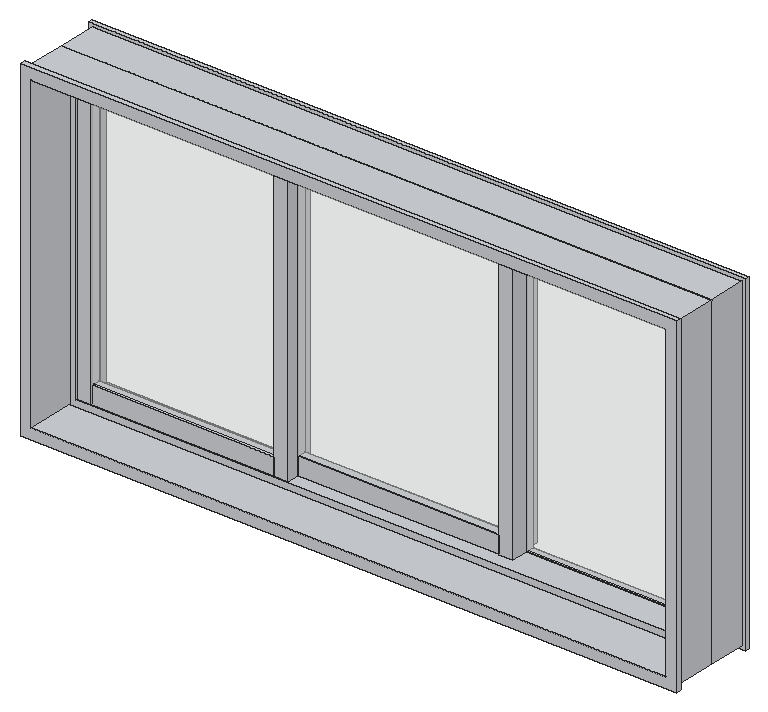
Revit family "APL Residential Thermal Heart Sliding Window SSF", category Windows, host Wall, Revit 2017 (continued)
Definition of nested family "APL Residential Thermal Heart Sliding Window SSF Vertical Section"
  Definition of nested family "Three Panel Sill"
    Lines and regions (mm)
      detail lines, in view "Ref. Level"
        curve 132: arc (11.451, 42.21, 0) -> (9.171, 43.21, 0) -> (6.89, 42.21, 0) r 3.1
        curve 133: line (4.071, 66.76, 0) -> (4.171, 66.06, 0)
        curve 134: line (4.171, 66.06, 0) -> (4.171, 66.66, 0)
        curve 135: line (4.171, 66.66, 0) -> (7.671, 66.66, 0)
        curve 136: line (7.671, 66.66, 0) -> (5.771, 66.76, 0)
        curve 137: line (5.771, 66.76, 0) -> (5.771, 66.96, 0)
        curve 138: line (5.771, 66.96, 0) -> (4.271, 66.96, 0)
        curve 139: line (3.071, 66.06, 0) -> (7.671, 66.06, 0)
        curve 140: line (7.671, 66.06, 0) -> (7.671, 67.06, 0)
        curve 141: line (7.671, 67.06, 0) -> (10.671, 67.06, 0)
        curve 142: line (10.671, 67.06, 0) -> (10.671, 66.06, 0)
        curve 143: line (10.671, 66.06, 0) -> (15.271, 66.06, 0)
        curve 144: line (14.071, 66.96, 0) -> (12.571, 66.96, 0)
        curve 145: line (12.571, 66.96, 0) -> (12.571, 66.76, 0)
        curve 146: line (12.571, 66.76, 0) -> (10.671, 66.76, 0)
        curve 147: line (10.671, 66.76, 0) -> (14.171, 66.66, 0)
        curve 148: line (14.171, 66.66, 0) -> (14.171, 66.06, 0)
        curve 149: line (14.171, 66.06, 0) -> (14.271, 66.76, 0)
        curve 150: line (14.271, 67.96, 0) -> (12.571, 67.96, 0)
        curve 151: line (12.571, 67.96, 0) -> (12.571, 67.76, 0)
        curve 152: line (12.571, 67.76, 0) -> (5.771, 67.76, 0)
        curve 153: line (5.771, 67.76, 0) -> (5.771, 67.96, 0)
        curve 154: line (5.771, 67.96, 0) -> (4.071, 67.96, 0)
        curve 155: line (5.371, 47.46, 0) -> (5.371, 46.46, 0)
        curve 156: line (5.371, 46.46, 0) -> (4.371, 46.46, 0)
        curve 157: line (4.371, 46.46, 0) -> (4.371, 47.46, 0)
        curve 158: line (12.971, 47.46, 0) -> (12.971, 46.46, 0)
        curve 159: line (12.971, 46.46, 0) -> (13.971, 46.46, 0)
        curve 160: line (13.971, 46.46, 0) -> (13.971, 47.46, 0)
        curve 161: line (9.871, 52.76, 0) -> (9.871, 51.76, 0)
        curve 162: line (9.871, 51.76, 0) -> (8.471, 51.76, 0)
        curve 163: line (8.471, 51.76, 0) -> (8.471, 52.76, 0)
        curve 164: line (8.471, 56.16, 0) -> (8.471, 57.16, 0)
        curve 165: line (8.471, 57.16, 0) -> (9.871, 57.16, 0)
        curve 166: line (9.871, 57.16, 0) -> (9.871, 56.16, 0)
        curve 167: line (7.471, 53.76, 0) -> (4.725, 53.76, 0)
        curve 168: line (10.871, 55.16, 0) -> (13.616, 55.16, 0)
        curve 169: line (13.616, 53.76, 0) -> (10.871, 53.76, 0)
        curve 170: line (4.725, 55.16, 0) -> (7.471, 55.16, 0)
        curve 171: line (15.271, 49.46, 0) -> (15.771, 49.46, 0)
        curve 172: line (15.771, 49.46, 0) -> (15.371, 61.46, 0)
        curve 173: line (2.971, 61.46, 0) -> (2.571, 49.46, 0)
        curve 174: line (2.571, 49.46, 0) -> (3.071, 49.46, 0)
        curve 175: line (3.071, 66.96, 0) -> (3.071, 47.46, 0)
        curve 176: line (3.071, 47.46, 0) -> (15.271, 47.46, 0)
        curve 177: line (15.271, 47.46, 0) -> (15.271, 66.96, 0)
        curve 178: line (6.89, 47.46, 0) -> (6.89, 42.21, 0)
        curve 179: line (6.89, 42.21, 0) -> (5.871, 42.21, 0)
        curve 180: line (5.871, 42.21, 0) -> (5.871, 47.46, 0)
        curve 181: line (11.451, 47.46, 0) -> (11.451, 42.21, 0)
        curve 182: line (11.451, 42.21, 0) -> (12.471, 42.21, 0)
        curve 183: line (12.471, 42.21, 0) -> (12.471, 47.46, 0)
        curve 184: line (3.271, 48.46, 0) -> (3.271, 65.06, 0)
        curve 249: arc (50.271, 66.06, 0) -> (49.564, 65.767, 0) -> (49.271, 65.06, 0) r 1
        curve 250: arc (50.271, 66.96, 0) -> (50.129, 66.902, 0) -> (50.071, 66.76, 0) r 0.2
        curve 251: arc (60.271, 66.76, 0) -> (60.212, 66.902, 0) -> (60.071, 66.96, 0) r 0.2
        curve 252: arc (61.271, 66.96, 0) -> (60.978, 67.667, 0) -> (60.271, 67.96, 0) r 1
        curve 253: arc (50.071, 67.96, 0) -> (49.364, 67.667, 0) -> (49.071, 66.96, 0) r 1
        curve 254: arc (54.471, 52.76, 0) -> (54.178, 53.467, 0) -> (53.471, 53.76, 0) r 1
        curve 255: arc (56.871, 53.76, 0) -> (56.164, 53.467, 0) -> (55.871, 52.76, 0) r 1
        curve 256: arc (55.871, 56.16, 0) -> (56.164, 55.453, 0) -> (56.871, 55.16, 0) r 1
        curve 257: arc (53.471, 55.16, 0) -> (54.178, 55.453, 0) -> (54.471, 56.16, 0) r 1
        curve 258: circle (55.171, 54.46, 0) r 4.5 normal (0, 0, 1)
        curve 259: arc (49.271, 48.46, 0) -> (49.564, 47.753, 0) -> (50.271, 47.46, 0) r 1
        curve 260: arc (57.451, 42.21, 0) -> (55.171, 43.21, 0) -> (52.89, 42.21, 0) r 3.1
        curve 261: line (50.071, 66.76, 0) -> (50.171, 66.06, 0)
        curve 262: line (50.171, 66.06, 0) -> (50.171, 66.66, 0)
        curve 263: line (50.171, 66.66, 0) -> (53.671, 66.66, 0)
        curve 264: line (53.671, 66.66, 0) -> (51.771, 66.76, 0)
        curve 265: line (51.771, 66.76, 0) -> (51.771, 66.96, 0)
        curve 266: line (51.771, 66.96, 0) -> (50.271, 66.96, 0)
        curve 267: line (49.071, 66.06, 0) -> (53.671, 66.06, 0)
        curve 268: line (53.671, 66.06, 0) -> (53.671, 67.06, 0)
        curve 269: line (53.671, 67.06, 0) -> (56.671, 67.06, 0)
        curve 270: line (56.671, 67.06, 0) -> (56.671, 66.06, 0)
        curve 271: line (56.671, 66.06, 0) -> (61.271, 66.06, 0)
        curve 272: line (60.071, 66.96, 0) -> (58.571, 66.96, 0)
        curve 273: line (58.571, 66.96, 0) -> (58.571, 66.76, 0)
        curve 274: line (58.571, 66.76, 0) -> (56.671, 66.76, 0)
        curve 275: line (56.671, 66.76, 0) -> (60.171, 66.66, 0)
        curve 276: line (60.171, 66.66, 0) -> (60.171, 66.06, 0)
        curve 277: line (60.171, 66.06, 0) -> (60.271, 66.76, 0)
        curve 278: line (60.271, 67.96, 0) -> (58.571, 67.96, 0)
        curve 279: line (58.571, 67.96, 0) -> (58.571, 67.76, 0)
        curve 280: line (58.571, 67.76, 0) -> (51.771, 67.76, 0)
        curve 281: line (51.771, 67.76, 0) -> (51.771, 67.96, 0)
        curve 282: line (51.771, 67.96, 0) -> (50.071, 67.96, 0)
        curve 283: line (51.371, 47.46, 0) -> (51.371, 46.46, 0)
        curve 284: line (51.371, 46.46, 0) -> (50.371, 46.46, 0)
        curve 285: line (50.371, 46.46, 0) -> (50.371, 47.46, 0)
        curve 286: line (58.971, 47.46, 0) -> (58.971, 46.46, 0)
        curve 287: line (58.971, 46.46, 0) -> (59.971, 46.46, 0)
        curve 288: line (59.971, 46.46, 0) -> (59.971, 47.46, 0)
        curve 289: line (55.871, 52.76, 0) -> (55.871, 51.76, 0)
        curve 290: line (55.871, 51.76, 0) -> (54.471, 51.76, 0)
        curve 291: line (54.471, 51.76, 0) -> (54.471, 52.76, 0)
        curve 292: line (54.471, 56.16, 0) -> (54.471, 57.16, 0)
        curve 293: line (54.471, 57.16, 0) -> (55.871, 57.16, 0)
        curve 294: line (55.871, 57.16, 0) -> (55.871, 56.16, 0)
        curve 295: line (53.471, 53.76, 0) -> (50.725, 53.76, 0)
        curve 296: line (56.871, 55.16, 0) -> (59.616, 55.16, 0)
        curve 297: line (59.616, 53.76, 0) -> (56.871, 53.76, 0)
        curve 298: line (50.725, 55.16, 0) -> (53.471, 55.16, 0)
        curve 299: line (61.271, 49.46, 0) -> (61.771, 49.46, 0)
        curve 300: line (61.771, 49.46, 0) -> (61.371, 61.46, 0)
        curve 301: line (48.971, 61.46, 0) -> (48.571, 49.46, 0)
        curve 302: line (48.571, 49.46, 0) -> (49.071, 49.46, 0)
        curve 303: line (49.071, 66.96, 0) -> (49.071, 47.46, 0)
        curve 304: line (49.071, 47.46, 0) -> (61.271, 47.46, 0)
        curve 305: line (61.271, 47.46, 0) -> (61.271, 66.96, 0)
        curve 306: line (52.89, 47.46, 0) -> (52.89, 42.21, 0)
        curve 307: line (52.89, 42.21, 0) -> (51.871, 42.21, 0)
        curve 308: line (51.871, 42.21, 0) -> (51.871, 47.46, 0)
        curve 309: line (57.451, 47.46, 0) -> (57.451, 42.21, 0)
        curve 310: line (57.451, 42.21, 0) -> (58.471, 42.21, 0)
        curve 311: line (58.471, 42.21, 0) -> (58.471, 47.46, 0)
        curve 312: line (49.271, 48.46, 0) -> (49.271, 65.06, 0)
      detail lines, in view "Ref. Level", not visible
        curve 17: arc (-46.248, 44.356, 0) -> (-46.558, 44.496, 0) -> (-46.72, 44.197, 0) r 0.25
        curve 18: arc (-46.694, 34.309, 0) -> (-46.531, 34.01, 0) -> (-46.221, 34.15, 0) r 0.25
        curve 19: line (-46.72, 44.197, 0) -> (-45.726, 40.329, 0)
        curve 20: line (-45.726, 40.329, 0) -> (-46.729, 39.75, 0)
        curve 21: line (-46.729, 39.75, 0) -> (-46.729, 38.75, 0)
        curve 22: line (-46.729, 38.75, 0) -> (-45.704, 38.158, 0)
        curve 23: line (-45.704, 38.158, 0) -> (-46.694, 34.309, 0)
        curve 24: line (-46.221, 34.15, 0) -> (-44.497, 38.25, 0)
        curve 25: line (-44.497, 38.25, 0) -> (-43.229, 38.25, 0)
        curve 26: line (-43.229, 38.25, 0) -> (-43.229, 37, 0)
        curve 27: line (-43.229, 37, 0) -> (-42.229, 37, 0)
        curve 28: line (-42.229, 37, 0) -> (-42.229, 41.5, 0)
        curve 29: line (-42.229, 41.5, 0) -> (-43.229, 41.5, 0)
        curve 30: line (-43.229, 41.5, 0) -> (-43.229, 40.25, 0)
        curve 31: line (-43.229, 40.25, 0) -> (-44.521, 40.25, 0)
        curve 32: line (-44.521, 40.25, 0) -> (-46.248, 44.356, 0)
        curve 46: line (101.764, -41.439, 0) -> (107.514, -39.899, 0)
        curve 47: line (106.053, -40.29, 0) -> (101.764, -40.29, 0)
        curve 48: line (107.514, -39.45, 0) -> (101.764, -39.45, 0)
        curve 49: line (107.514, -38.61, 0) -> (101.764, -38.61, 0)
        curve 50: line (107.514, -37.69, 0) -> (101.764, -37.69, 0)
        curve 51: line (107.514, -36.85, 0) -> (101.764, -36.85, 0)
        curve 52: line (106.053, -36.01, 0) -> (101.764, -36.01, 0)
        curve 53: line (107.514, -36.401, 0) -> (101.764, -34.861, 0)
        curve 54: line (107.764, -41.6, 0) -> (107.764, -34.7, 0)
        curve 55: line (107.514, -34.7, 0) -> (107.514, -41.6, 0)
        curve 56: line (107.514, -41.6, 0) -> (108.014, -41.6, 0)
        curve 57: line (108.014, -41.6, 0) -> (108.014, -34.7, 0)
        curve 58: line (108.014, -34.7, 0) -> (107.514, -34.7, 0)
        curve 185: line (57.263, 53.309, 0) -> (57.263, 52.309, 0)
        curve 186: line (57.263, 52.309, 0) -> (56.263, 52.309, 0)
        curve 187: line (56.263, 52.309, 0) -> (56.263, 53.309, 0)
        curve 188: line (64.863, 53.309, 0) -> (64.863, 52.309, 0)
        curve 189: line (64.863, 52.309, 0) -> (65.863, 52.309, 0)
        curve 190: line (65.863, 52.309, 0) -> (65.863, 53.309, 0)
        curve 191: line (61.763, 58.609, 0) -> (61.763, 57.609, 0)
        curve 192: line (61.763, 57.609, 0) -> (60.363, 57.609, 0)
        curve 193: line (60.363, 57.609, 0) -> (60.363, 58.609, 0)
        curve 194: line (60.363, 62.009, 0) -> (60.363, 63.009, 0)
        curve 195: line (60.363, 63.009, 0) -> (61.763, 63.009, 0)
        curve 196: line (61.763, 63.009, 0) -> (61.763, 62.009, 0)
        curve 197: line (59.363, 59.609, 0) -> (56.617, 59.609, 0)
        curve 198: line (62.763, 61.009, 0) -> (65.508, 61.009, 0)
        curve 199: line (65.508, 59.609, 0) -> (62.763, 59.609, 0)
        curve 200: line (56.617, 61.009, 0) -> (59.363, 61.009, 0)
        curve 201: line (67.163, 55.309, 0) -> (67.663, 55.309, 0)
        curve 202: line (67.663, 55.309, 0) -> (67.263, 67.309, 0)
        curve 203: line (54.863, 67.309, 0) -> (54.463, 55.309, 0)
        curve 204: line (54.463, 55.309, 0) -> (54.963, 55.309, 0)
        curve 205: line (54.963, 72.809, 0) -> (54.963, 53.309, 0)
        curve 206: line (54.963, 53.309, 0) -> (67.163, 53.309, 0)
        curve 207: line (67.163, 53.309, 0) -> (67.163, 72.809, 0)
        curve 208: line (58.782, 53.309, 0) -> (58.782, 48.059, 0)
        curve 209: line (58.782, 48.059, 0) -> (57.763, 48.059, 0)
        curve 210: line (57.763, 48.059, 0) -> (57.763, 53.309, 0)
        curve 211: line (63.343, 53.309, 0) -> (63.343, 48.059, 0)
        curve 212: line (63.343, 48.059, 0) -> (64.363, 48.059, 0)
        curve 213: line (64.363, 48.059, 0) -> (64.363, 53.309, 0)
        curve 214: line (55.163, 54.309, 0) -> (55.163, 70.909, 0)
        curve 215: arc (56.163, 71.909, 0) -> (55.456, 71.616, 0) -> (55.163, 70.909, 0) r 1
        curve 216: arc (56.163, 72.809, 0) -> (56.021, 72.75, 0) -> (55.963, 72.609, 0) r 0.2
        curve 217: arc (66.163, 72.609, 0) -> (66.104, 72.75, 0) -> (65.963, 72.809, 0) r 0.2
        curve 218: arc (67.163, 72.809, 0) -> (66.87, 73.516, 0) -> (66.163, 73.809, 0) r 1
        curve 219: arc (55.963, 73.809, 0) -> (55.256, 73.516, 0) -> (54.963, 72.809, 0) r 1
        curve 220: arc (60.363, 58.609, 0) -> (60.07, 59.316, 0) -> (59.363, 59.609, 0) r 1
        curve 221: arc (62.763, 59.609, 0) -> (62.056, 59.316, 0) -> (61.763, 58.609, 0) r 1
        curve 222: arc (61.763, 62.009, 0) -> (62.056, 61.302, 0) -> (62.763, 61.009, 0) r 1
        curve 223: arc (59.363, 61.009, 0) -> (60.07, 61.302, 0) -> (60.363, 62.009, 0) r 1
        curve 224: circle (61.063, 60.309, 0) r 4.5 normal (0, 0, 1)
        curve 225: arc (55.163, 54.309, 0) -> (55.456, 53.602, 0) -> (56.163, 53.309, 0) r 1
        curve 226: arc (63.343, 48.059, 0) -> (61.063, 49.059, 0) -> (58.782, 48.059, 0) r 3.1
        curve 227: line (55.963, 72.609, 0) -> (56.063, 71.909, 0)
        curve 228: line (56.063, 71.909, 0) -> (56.063, 72.509, 0)
        curve 229: line (56.063, 72.509, 0) -> (59.563, 72.509, 0)
        curve 230: line (59.563, 72.509, 0) -> (57.663, 72.609, 0)
        curve 231: line (57.663, 72.609, 0) -> (57.663, 72.809, 0)
        curve 232: line (57.663, 72.809, 0) -> (56.163, 72.809, 0)
        curve 233: line (54.963, 71.909, 0) -> (59.563, 71.909, 0)
        curve 234: line (59.563, 71.909, 0) -> (59.563, 72.909, 0)
        curve 235: line (59.563, 72.909, 0) -> (62.563, 72.909, 0)
        curve 236: line (62.563, 72.909, 0) -> (62.563, 71.909, 0)
        curve 237: line (62.563, 71.909, 0) -> (67.163, 71.909, 0)
        curve 238: line (65.963, 72.809, 0) -> (64.463, 72.809, 0)
        curve 239: line (64.463, 72.809, 0) -> (64.463, 72.609, 0)
        curve 240: line (64.463, 72.609, 0) -> (62.563, 72.609, 0)
        curve 241: line (62.563, 72.609, 0) -> (66.063, 72.509, 0)
        curve 242: line (66.063, 72.509, 0) -> (66.063, 71.909, 0)
        curve 243: line (66.063, 71.909, 0) -> (66.163, 72.609, 0)
        curve 244: line (66.163, 73.809, 0) -> (64.463, 73.809, 0)
        curve 245: line (64.463, 73.809, 0) -> (64.463, 73.609, 0)
        curve 246: line (64.463, 73.609, 0) -> (57.663, 73.609, 0)
        curve 247: line (57.663, 73.609, 0) -> (57.663, 73.809, 0)
        curve 248: line (57.663, 73.809, 0) -> (55.963, 73.809, 0)
    Dimensions and locks
      locked: nested 5 to nested 2 at 17.5
      locked: nested 5 to nested 2 at 3.06
      locked: nested 4 to nested 2 at 3.06
    Nested families
      nested 1: "65596_Track" at (9.171, 14.2, 0), type "65596_Track", in view "Ref. Level"
      nested 2: "65390_Frame Sill" at (-87.029, 0, 0), type "65390_Frame Sill", in view "Ref. Level"
      nested 3: "65596_Track" at (55.171, 14.2, 0), type "65596_Track", in view "Ref. Level"
      nested 4: "65460_Door Top And Window Rail" at (-13.589, 105.5, 0), type "65460_Door Top And Window Rail", in view "Ref. Level"
      nested 5: "65460_Door Top And Window Rail" at (32.411, 105.5, 0), type "65460_Door Top And Window Rail", in view "Ref. Level"
    Definition of nested family "65596_Track"
      Reference planes
        plane 1 "Center (Front/Back)": y = 0
        plane 2: z = 0
        plane 3 "Center (Left/Right)": x = 0
      Lines and regions (mm)
        detail lines, in view "Ref. Level"
          curve 1: arc (-1.2, 1.8, 0) -> (-1.059, 1.859, 0) -> (-1, 2, 0) r 0.2
          curve 2: arc (-1, 22.438, 0) -> (-1.623, 23.888, 0) -> (-3.105, 24.435, 0) r 2
          curve 3: arc (-17.186, 23.697, 0) -> (-17.523, 23.542, 0) -> (-17.66, 23.198, 0) r 0.5
          curve 4: arc (-17.66, 18.846, 0) -> (-18.14, 16.435, 0) -> (-19.505, 14.392, 0) r 6.3
          curve 5: arc (-21.85, 12.046, 0) -> (-22.77, 12.046, 0) -> (-22.77, 12.966, 0) r 0.65
          curve 6: arc (-20.424, 15.311, 0) -> (-19.341, 16.933, 0) -> (-18.96, 18.846, 0) r 5
          curve 7: arc (-18.96, 24.932, 0) -> (-18.823, 25.276, 0) -> (-18.486, 25.431, 0) r 0.5
          curve 8: arc (-2.589, 26.264, 0) -> (-2.456, 26.325, 0) -> (-2.399, 26.459, 0) r 0.2
          curve 9: arc (-2.399, 26.459, 0) -> (0, 28.8, 0) -> (2.399, 26.459, 0) r 2.4
          curve 10: arc (2.399, 26.459, 0) -> (2.456, 26.325, 0) -> (2.589, 26.264, 0) r 0.2
          curve 11: arc (6.566, 26.056, 0) -> (6.903, 25.901, 0) -> (7.04, 25.557, 0) r 0.5
          curve 12: arc (7.04, 18.846, 0) -> (7.421, 16.933, 0) -> (8.504, 15.311, 0) r 5
          curve 13: arc (10.85, 12.966, 0) -> (10.85, 12.046, 0) -> (9.93, 12.046, 0) r 0.65
          curve 14: arc (7.585, 14.392, 0) -> (6.22, 16.435, 0) -> (5.74, 18.846, 0) r 6.3
          curve 15: arc (5.74, 23.822, 0) -> (5.603, 24.166, 0) -> (5.266, 24.322, 0) r 0.5
          curve 16: arc (3.105, 24.435, 0) -> (1.623, 23.888, 0) -> (1, 22.438, 0) r 2
          curve 17: arc (1, 2, 0) -> (1.059, 1.859, 0) -> (1.2, 1.8, 0) r 0.2
          curve 18: arc (10.59, 0, 0) -> (10.449, 0.059, 0) -> (10.39, 0.2, 0) r 0.2
          curve 19: arc (10.39, 1.6, 0) -> (10.331, 1.741, 0) -> (10.19, 1.8, 0) r 0.2
          curve 20: arc (-8.81, 1.8, 0) -> (-8.951, 1.741, 0) -> (-9.01, 1.6, 0) r 0.2
          curve 21: arc (-9.01, -1.3, 0) -> (-8.951, -1.441, 0) -> (-8.81, -1.5, 0) r 0.2
          curve 22: arc (-7.41, -1.5, 0) -> (-7.269, -1.441, 0) -> (-7.21, -1.3, 0) r 0.2
          curve 23: arc (-7.21, -0.2, 0) -> (-7.151, -0.059, 0) -> (-7.01, 0, 0) r 0.2
          curve 24: arc (8.715, 0, 0) -> (9.001, -0.089, 0) -> (9.185, -0.325, 0) r 0.5
          curve 25: arc (9.185, -0.325, 0) -> (9.735, -1.032, 0) -> (10.59, -1.3, 0) r 1.5
          curve 26: arc (11.89, -1.3, 0) -> (12.597, -1.007, 0) -> (12.89, -0.3, 0) r 1
          curve 27: arc (12.89, -0.2, 0) -> (12.831, -0.059, 0) -> (12.69, 0, 0) r 0.2
          curve 28: line (1, 6.8, 0) -> (-1, 6.8, 0)
          curve 29: line (-1, 2, 0) -> (-1, 22.438, 0)
          curve 30: line (-3.105, 24.435, 0) -> (-17.186, 23.697, 0)
          curve 31: line (-17.66, 23.198, 0) -> (-17.66, 18.846, 0)
          curve 32: line (-19.505, 14.392, 0) -> (-21.85, 12.046, 0)
          curve 33: line (-22.77, 12.966, 0) -> (-20.424, 15.311, 0)
          curve 34: line (-18.96, 18.846, 0) -> (-18.96, 24.932, 0)
          curve 35: line (-18.486, 25.431, 0) -> (-2.589, 26.264, 0)
          curve 36: line (2.589, 26.264, 0) -> (6.566, 26.056, 0)
          curve 37: line (7.04, 25.557, 0) -> (7.04, 18.846, 0)
          curve 38: line (8.504, 15.311, 0) -> (10.85, 12.966, 0)
          curve 39: line (9.93, 12.046, 0) -> (7.585, 14.392, 0)
          curve 40: line (5.74, 18.846, 0) -> (5.74, 23.822, 0)
          curve 41: line (5.266, 24.322, 0) -> (3.105, 24.435, 0)
          curve 42: line (1, 22.438, 0) -> (1, 2, 0)
          curve 43: line (10.39, 0.2, 0) -> (10.39, 1.6, 0)
          curve 44: line (10.19, 1.8, 0) -> (-8.81, 1.8, 0)
          curve 45: line (-9.01, 1.6, 0) -> (-9.01, -1.3, 0)
          curve 46: line (-8.81, -1.5, 0) -> (-7.41, -1.5, 0)
          curve 47: line (-7.21, -1.3, 0) -> (-7.21, -0.2, 0)
          curve 48: line (-7.01, 0, 0) -> (8.715, 0, 0)
          curve 49: line (10.59, -1.3, 0) -> (11.89, -1.3, 0)
          curve 50: line (12.69, 0, 0) -> (10.59, 0, 0)
      Text (mm)
        text "65596" at (20.379, 15.04, 0), in view "Ref. Level"
    Definition of nested family "65390_Frame Sill"
      Reference planes
        plane 1 "Center (Front/Back)": y = 0
        plane 2: z = 0
        plane 3 "Center (Left/Right)": x = 0
      Lines and regions (mm)
        model lines, in view "Ref. Level"
          curve 1: arc (10.8, 6.498, 0) -> (11.356, 7.843, 0) -> (12.7, 8.4, 0) r 1.9
          curve 2: arc (13.1, 8.4, 0) -> (13.241, 8.459, 0) -> (13.3, 8.6, 0) r 0.2
          curve 3: arc (13.3, 15.4, 0) -> (13.241, 15.541, 0) -> (13.1, 15.6, 0) r 0.2
          curve 4: arc (11, 15.6, 0) -> (10.859, 15.659, 0) -> (10.8, 15.8, 0) r 0.2
          curve 5: arc (10.8, 16.283, 0) -> (10.741, 16.425, 0) -> (10.6, 16.483, 0) r 0.2
          curve 6: arc (1.9, 16.483, 0) -> (1.546, 16.337, 0) -> (1.4, 15.983, 0) r 0.5
          curve 7: arc (1.4, 2.245, 0) -> (1.521, 1.631, 0) -> (1.869, 1.111, 0) r 1.6
          curve 8: arc (6.387, -3.407, 0) -> (6.711, -3.624, 0) -> (7.094, -3.7, 0) r 1
          curve 9: arc (9.8, -3.7, 0) -> (10.507, -3.407, 0) -> (10.8, -2.7, 0) r 1
          curve 10: arc (1.665, 23.621, 0) -> (1.729, 23.522, 0) -> (1.725, 23.403, 0) r 0.2
          curve 11: arc (1.725, 23.403, 0) -> (1.621, 23.234, 0) -> (1.453, 23.127, 0) r 0.45
          curve 12: arc (1.453, 23.127, 0) -> (1.357, 23.052, 0) -> (1.322, 22.936, 0) r 0.2
          curve 13: arc (1.379, 18.081, 0) -> (1.438, 17.941, 0) -> (1.579, 17.883, 0) r 0.2
          curve 14: arc (10.6, 17.883, 0) -> (10.741, 17.942, 0) -> (10.8, 18.083, 0) r 0.2
          curve 15: arc (10.8, 22.172, 0) -> (10.773, 22.272, 0) -> (10.7, 22.345, 0) r 0.2
          curve 16: arc (9.6, 22.98, 0) -> (9.38, 23.2, 0) -> (9.3, 23.5, 0) r 0.6
          curve 17: arc (9.3, 23.8, 0) -> (9.359, 23.941, 0) -> (9.5, 24, 0) r 0.2
          curve 18: arc (13.617, 24, 0) -> (13.922, 23.801, 0) -> (14.195, 24.043, 0) r 0.3
          curve 19: arc (14.195, 24.043, 0) -> (14.261, 24.181, 0) -> (14.387, 24.268, 0) r 0.3
          curve 20: arc (15.797, 24.782, 0) -> (16.083, 24.738, 0) -> (16.199, 24.474, 0) r 0.3
          curve 21: arc (15.992, 22.108, 0) -> (15.965, 22.008, 0) -> (15.905, 21.922, 0) r 0.3
          curve 22: arc (15.541, 21.559, 0) -> (15.348, 21.507, 0) -> (15.207, 21.648, 0) r 0.2
          curve 23: arc (15.162, 21.816, 0) -> (15.11, 21.905, 0) -> (15.021, 21.957, 0) r 0.2
          curve 24: arc (12.8, 22.5, 0) -> (12.52, 22.307, 0) -> (12.6, 21.976, 0) r 0.3
          curve 25: arc (12.6, 21.976, 0) -> (12.674, 21.875, 0) -> (12.7, 21.753, 0) r 0.3
          curve 26: arc (12.506, 17.75, 0) -> (12.542, 17.578, 0) -> (12.7, 17.5, 0) r 0.2
          curve 27: arc (13.221, 17.5, 0) -> (13.302, 17.511, 0) -> (13.377, 17.544, 0) r 0.3
          curve 28: arc (14.631, 18.309, 0) -> (14.628, 18.479, 0) -> (14.734, 18.611, 0) r 0.25
          curve 29: arc (14.82, 18.663, 0) -> (15.072, 18.668, 0) -> (15.2, 18.45, 0) r 0.25
          curve 30: arc (15.2, 8.6, 0) -> (15.259, 8.459, 0) -> (15.4, 8.4, 0) r 0.2
          curve 31: arc (16.479, 8.4, 0) -> (16.643, 8.315, 0) -> (16.667, 8.132, 0) r 0.2
          curve 32: arc (15.775, 5.682, 0) -> (15.702, 5.586, 0) -> (15.587, 5.55, 0) r 0.2
          curve 33: arc (15.353, 5.55, 0) -> (15.248, 5.52, 0) -> (15.174, 5.439, 0) r 0.2
          curve 34: arc (15.174, 5.439, 0) -> (15.019, 5.31, 0) -> (14.82, 5.337, 0) r 0.25
          curve 35: arc (14.734, 5.389, 0) -> (14.628, 5.521, 0) -> (14.631, 5.691, 0) r 0.25
          curve 36: arc (13.377, 6.456, 0) -> (13.302, 6.489, 0) -> (13.221, 6.5, 0) r 0.3
          curve 37: arc (12.7, 6.5, 0) -> (12.542, 6.422, 0) -> (12.506, 6.25, 0) r 0.2
          curve 38: arc (12.7, 2.247, 0) -> (12.674, 2.125, 0) -> (12.6, 2.024, 0) r 0.3
          curve 39: arc (12.6, 2.024, 0) -> (12.52, 1.693, 0) -> (12.8, 1.5, 0) r 0.3
          curve 40: arc (15.021, 2.043, 0) -> (15.11, 2.095, 0) -> (15.162, 2.184, 0) r 0.2
          curve 41: arc (15.207, 2.352, 0) -> (15.348, 2.493, 0) -> (15.541, 2.441, 0) r 0.2
          curve 42: arc (15.905, 2.078, 0) -> (15.965, 1.992, 0) -> (15.992, 1.892, 0) r 0.3
          curve 43: arc (16.199, -0.474, 0) -> (16.083, -0.738, 0) -> (15.797, -0.782, 0) r 0.3
          curve 44: arc (14.387, -0.268, 0) -> (14.261, -0.181, 0) -> (14.195, -0.043, 0) r 0.3
          curve 45: arc (14.195, -0.043, 0) -> (13.922, 0.199, 0) -> (13.617, 0, 0) r 0.3
          curve 46: arc (12.6, 0, 0) -> (12.459, -0.059, 0) -> (12.4, -0.2, 0) r 0.2
          curve 47: arc (12.4, -2.696, 0) -> (11.64, -4.537, 0) -> (9.8, -5.3, 0) r 2.6
          curve 48: arc (7.9, -5.3, 0) -> (7.547, -5.446, 0) -> (7.4, -5.8, 0) r 0.5
          curve 49: arc (7.4, -13.402, 0) -> (7.508, -13.581, 0) -> (7.716, -13.566, 0) r 0.2
          curve 50: arc (7.716, -13.566, 0) -> (8.721, -13.692, 0) -> (8.684, -14.705, 0) r 0.75
          curve 51: arc (8.684, -14.705, 0) -> (8.15, -16.005, 0) -> (8.684, -17.305, 0) r 1.85
          curve 52: arc (8.684, -17.305, 0) -> (8.794, -17.447, 0) -> (8.867, -17.612, 0) r 0.75
          curve 53: arc (8.867, -17.612, 0) -> (8.97, -17.796, 0) -> (9.14, -17.921, 0) r 0.5
          curve 54: arc (9.14, -17.921, 0) -> (10, -18.105, 0) -> (10.86, -17.921, 0) r 2.1
          curve 55: arc (10.86, -17.921, 0) -> (11.03, -17.796, 0) -> (11.133, -17.612, 0) r 0.5
          curve 56: arc (11.133, -17.612, 0) -> (11.206, -17.447, 0) -> (11.316, -17.305, 0) r 0.75
          curve 57: arc (11.316, -17.305, 0) -> (11.85, -16.005, 0) -> (11.316, -14.705, 0) r 1.85
          curve 58: arc (11.316, -14.705, 0) -> (11.323, -13.644, 0) -> (12.384, -13.651, 0) r 0.75
          curve 59: arc (12.384, -13.651, 0) -> (13.348, -15.881, 0) -> (12.551, -18.176, 0) r 3.35
          curve 60: arc (12.551, -18.176, 0) -> (12.478, -18.71, 0) -> (12.932, -19, 0) r 0.5
          curve 61: arc (13.15, -19, 0) -> (13.291, -19.059, 0) -> (13.35, -19.2, 0) r 0.2
          curve 62: arc (13.35, -19.5, 0) -> (13.204, -19.854, 0) -> (12.85, -20, 0) r 0.5
          curve 63: arc (7, -20, 0) -> (6.293, -19.707, 0) -> (6, -19, 0) r 1
          curve 64: arc (6, -6.243, 0) -> (5.772, -5.095, 0) -> (5.121, -4.121, 0) r 3
          curve 65: arc (0.879, 0.121, 0) -> (0.228, 1.095, 0) -> (0, 2.243, 0) r 3
          curve 66: arc (0, 23.8, 0) -> (0.059, 23.941, 0) -> (0.2, 24, 0) r 0.2
          curve 67: line (10.8, -2.7, 0) -> (10.8, 6.498, 0)
          curve 68: line (12.7, 8.4, 0) -> (13.1, 8.4, 0)
          curve 69: line (13.1, 15.6, 0) -> (11, 15.6, 0)
          curve 70: line (10.8, 15.8, 0) -> (10.8, 16.283, 0)
          curve 71: line (10.6, 16.483, 0) -> (1.9, 16.483, 0)
          curve 72: line (1.4, 15.983, 0) -> (1.4, 2.245, 0)
          curve 73: line (1.869, 1.111, 0) -> (6.387, -3.407, 0)
          curve 74: line (7.094, -3.7, 0) -> (9.8, -3.7, 0)
          curve 75: line (1.322, 22.936, 0) -> (1.379, 18.081, 0)
          curve 76: line (1.579, 17.883, 0) -> (10.6, 17.883, 0)
          curve 77: line (10.8, 18.083, 0) -> (10.8, 22.172, 0)
          curve 78: line (10.7, 22.345, 0) -> (9.6, 22.98, 0)
          curve 79: line (9.3, 23.5, 0) -> (9.3, 23.8, 0)
          curve 80: line (9.5, 24, 0) -> (13.617, 24, 0)
          curve 81: line (14.387, 24.268, 0) -> (15.797, 24.782, 0)
          curve 82: line (16.199, 24.474, 0) -> (15.992, 22.108, 0)
          curve 83: line (15.905, 21.922, 0) -> (15.541, 21.559, 0)
          curve 84: line (15.207, 21.648, 0) -> (15.162, 21.816, 0)
          curve 85: line (15.162, 21.816, 0) -> (13.032, 22.49, 0)
          curve 86: line (13.032, 22.49, 0) -> (12.8, 22.5, 0)
          curve 87: line (12.7, 21.753, 0) -> (12.7, 18.525, 0)
          curve 88: line (12.7, 18.525, 0) -> (12.506, 17.75, 0)
          curve 89: line (12.7, 17.5, 0) -> (13.221, 17.5, 0)
          curve 90: line (13.221, 17.5, 0) -> (14.631, 18.309, 0)
          curve 91: line (15.2, 18.45, 0) -> (15.2, 16.874, 0)
          curve 92: line (15.2, 16.874, 0) -> (15.2, 8.6, 0)
          curve 93: line (15.2, 8.6, 0) -> (13.3, 8.6, 0)
          curve 94: line (13.3, 8.6, 0) -> (13.3, 15.4, 0)
          curve 95: line (15.4, 8.4, 0) -> (16.479, 8.4, 0)
          curve 96: line (16.667, 8.132, 0) -> (15.775, 5.682, 0)
          curve 97: line (15.587, 5.55, 0) -> (15.353, 5.55, 0)
          curve 98: line (14.631, 5.691, 0) -> (13.377, 6.456, 0)
          curve 99: line (13.377, 6.456, 0) -> (12.7, 6.5, 0)
          curve 100: line (12.506, 6.25, 0) -> (12.694, 5.525, 0)
          curve 101: line (12.694, 5.525, 0) -> (12.7, 2.247, 0)
          curve 102: line (12.954, 1.5, 0) -> (15.021, 2.043, 0)
          curve 103: line (15.021, 2.043, 0) -> (15.207, 2.352, 0)
          curve 104: line (15.541, 2.441, 0) -> (15.905, 2.078, 0)
          curve 105: line (15.992, 1.892, 0) -> (16.199, -0.474, 0)
          curve 106: line (15.797, -0.782, 0) -> (14.387, -0.268, 0)
          curve 107: line (13.617, 0, 0) -> (12.6, 0, 0)
          curve 108: line (12.4, -0.2, 0) -> (12.4, -2.696, 0)
          curve 109: line (9.8, -5.3, 0) -> (7.9, -5.3, 0)
          curve 110: line (7.4, -5.8, 0) -> (7.4, -13.402, 0)
          curve 111: line (12.932, -19, 0) -> (13.15, -19, 0)
          curve 112: line (13.35, -19.2, 0) -> (13.35, -19.5, 0)
          curve 113: line (12.85, -20, 0) -> (7, -20, 0)
          curve 114: line (6, -19, 0) -> (6, -6.243, 0)
          curve 115: line (5.121, -4.121, 0) -> (0.879, 0.121, 0)
          curve 116: line (0, 2.243, 0) -> (0, 23.8, 0)
          curve 117: line (0.2, 24, 0) -> (1.141, 24, 0)
          curve 118: line (1.141, 24, 0) -> (1.665, 23.621, 0)
          curve 119: line (13.3, 14.6, 0) -> (15.2, 14.6, 0)
          curve 120: arc (64.2, 16.467, 0) -> (64.076, 16.138, 0) -> (63.765, 15.972, 0) r 0.5
          curve 121: arc (63.765, 15.972, 0) -> (62.349, 15.442, 0) -> (61.309, 14.343, 0) r 3.35
          curve 122: arc (61.309, 14.343, 0) -> (61.577, 13.317, 0) -> (62.604, 13.585, 0) r 0.75
          curve 123: arc (62.604, 13.585, 0) -> (63.721, 14.437, 0) -> (65.115, 14.258, 0) r 1.85
          curve 124: arc (65.115, 14.258, 0) -> (65.281, 14.188, 0) -> (65.459, 14.16, 0) r 0.75
          curve 125: arc (65.459, 14.16, 0) -> (65.663, 14.108, 0) -> (65.828, 13.976, 0) r 0.5
          curve 126: arc (65.828, 13.976, 0) -> (66.3, 12.65, 0) -> (65.828, 11.324, 0) r 2.1
          curve 127: arc (65.828, 11.324, 0) -> (65.663, 11.192, 0) -> (65.459, 11.14, 0) r 0.5
          curve 128: arc (65.459, 11.14, 0) -> (65.281, 11.112, 0) -> (65.115, 11.042, 0) r 0.75
          curve 129: arc (65.115, 11.042, 0) -> (64.2, 10.8, 0) -> (63.285, 11.042, 0) r 1.85
          curve 130: arc (63.285, 11.042, 0) -> (62.738, 11.119, 0) -> (62.286, 10.8, 0) r 0.75
          curve 131: arc (39.189, 9.621, 0) -> (38.199, 9.316, 0) -> (37.363, 8.704, 0) r 3.126
          curve 132: arc (37.363, 8.704, 0) -> (37.013, 8.479, 0) -> (36.605, 8.4, 0) r 1.1
          curve 133: arc (29.901, 8.4, 0) -> (29.547, 8.546, 0) -> (29.4, 8.9, 0) r 0.5
          curve 134: arc (29.4, 22, 0) -> (29.546, 22.354, 0) -> (29.9, 22.5, 0) r 0.5
          curve 135: arc (44.4, 22.5, 0) -> (45.602, 22.998, 0) -> (46.1, 24.2, 0) r 1.7
          curve 136: arc (46.147, 35.533, 0) -> (46.409, 35.986, 0) -> (46.5, 36.5, 0) r 1.5
          curve 137: arc (46.5, 41.1, 0) -> (46.646, 41.454, 0) -> (47, 41.6, 0) r 0.5
          curve 138: arc (65.699, 41.6, 0) -> (66.053, 41.454, 0) -> (66.2, 41.1, 0) r 0.5
          curve 139: arc (66.2, 32, 0) -> (65.978, 30.526, 0) -> (65.33, 29.182, 0) r 5
          curve 140: arc (65.33, 29.182, 0) -> (64.489, 27.436, 0) -> (64.2, 25.519, 0) r 6.5
          curve 141: arc (27.317, 8.501, 0) -> (27.447, 8.565, 0) -> (27.5, 8.7, 0) r 0.2
          curve 142: arc (23.754, 8.189, 0) -> (23.602, 8.097, 0) -> (23.583, 7.921, 0) r 0.2
          curve 143: arc (24.399, 5.679, 0) -> (24.668, 5.392, 0) -> (25.06, 5.387, 0) r 0.5
          curve 144: arc (25.06, 5.387, 0) -> (25.211, 5.303, 0) -> (25.38, 5.337, 0) r 0.25
          curve 145: arc (25.466, 5.389, 0) -> (25.572, 5.521, 0) -> (25.569, 5.691, 0) r 0.25
          curve 146: arc (26.823, 6.456, 0) -> (26.898, 6.489, 0) -> (26.979, 6.5, 0) r 0.3
          curve 147: arc (27.5, 6.5, 0) -> (27.658, 6.422, 0) -> (27.694, 6.25, 0) r 0.2
          curve 148: arc (27.5, 2.247, 0) -> (27.526, 2.125, 0) -> (27.6, 2.024, 0) r 0.3
          curve 149: arc (27.6, 2.024, 0) -> (27.68, 1.693, 0) -> (27.4, 1.5, 0) r 0.3
          curve 150: arc (25.179, 2.043, 0) -> (25.09, 2.095, 0) -> (25.038, 2.184, 0) r 0.2
          curve 151: arc (24.993, 2.352, 0) -> (24.852, 2.493, 0) -> (24.659, 2.441, 0) r 0.2
          curve 152: arc (24.295, 2.078, 0) -> (24.235, 1.992, 0) -> (24.208, 1.892, 0) r 0.3
          curve 153: arc (24.001, -0.474, 0) -> (24.117, -0.738, 0) -> (24.403, -0.782, 0) r 0.3
          curve 154: arc (25.813, -0.268, 0) -> (25.939, -0.181, 0) -> (26.005, -0.043, 0) r 0.3
          curve 155: arc (26.005, -0.043, 0) -> (26.278, 0.199, 0) -> (26.583, 0, 0) r 0.3
          curve 156: arc (28.9, 0, 0) -> (29.254, 0.146, 0) -> (29.4, 0.5, 0) r 0.5
          curve 157: arc (29.4, 6.1, 0) -> (29.546, 6.454, 0) -> (29.9, 6.6, 0) r 0.499
          curve 158: arc (37.767, 6.6, 0) -> (38.931, 6.835, 0) -> (39.913, 7.503, 0) r 2.996
          curve 159: arc (39.913, 7.503, 0) -> (40.232, 7.73, 0) -> (40.611, 7.831, 0) r 1.1
          curve 160: arc (68.1, 8.9, 0) -> (68.241, 8.841, 0) -> (68.3, 8.7, 0) r 0.2
          curve 161: arc (68.3, 0.5, 0) -> (68.446, 0.146, 0) -> (68.8, 0, 0) r 0.5
          curve 162: arc (71.117, 0, 0) -> (71.422, 0.199, 0) -> (71.695, -0.043, 0) r 0.3
          curve 163: arc (71.695, -0.043, 0) -> (71.761, -0.181, 0) -> (71.887, -0.268, 0) r 0.3
          curve 164: arc (73.297, -0.782, 0) -> (73.583, -0.738, 0) -> (73.699, -0.474, 0) r 0.3
          curve 165: arc (73.492, 1.892, 0) -> (73.465, 1.992, 0) -> (73.405, 2.078, 0) r 0.3
          curve 166: arc (73.041, 2.441, 0) -> (72.848, 2.493, 0) -> (72.707, 2.352, 0) r 0.2
          curve 167: arc (72.662, 2.184, 0) -> (72.61, 2.095, 0) -> (72.521, 2.043, 0) r 0.2
          curve 168: arc (70.3, 1.5, 0) -> (70.02, 1.693, 0) -> (70.1, 2.024, 0) r 0.3
          curve 169: arc (70.1, 2.024, 0) -> (70.174, 2.125, 0) -> (70.2, 2.247, 0) r 0.3
          curve 170: arc (70.006, 6.25, 0) -> (70.042, 6.422, 0) -> (70.2, 6.5, 0) r 0.2
          curve 171: arc (70.721, 6.5, 0) -> (70.802, 6.489, 0) -> (70.877, 6.456, 0) r 0.3
          curve 172: arc (72.131, 5.691, 0) -> (72.128, 5.521, 0) -> (72.234, 5.389, 0) r 0.25
          curve 173: arc (72.32, 5.337, 0) -> (72.572, 5.332, 0) -> (72.7, 5.55, 0) r 0.25
          curve 174: arc (72.7, 7.124, 0) -> (72.618, 7.522, 0) -> (72.385, 7.854, 0) r 1
          curve 175: arc (72.385, 7.854, 0) -> (72.322, 8, 0) -> (72.385, 8.146, 0) r 0.2
          curve 176: arc (72.385, 8.146, 0) -> (72.618, 8.477, 0) -> (72.7, 8.874, 0) r 1
          curve 177: arc (72.7, 10.449, 0) -> (72.573, 10.668, 0) -> (72.32, 10.663, 0) r 0.25
          curve 178: arc (72.234, 10.611, 0) -> (72.128, 10.479, 0) -> (72.131, 10.309, 0) r 0.25
          curve 179: arc (70.877, 9.544, 0) -> (70.802, 9.511, 0) -> (70.721, 9.5, 0) r 0.3
          curve 180: arc (70.2, 9.5, 0) -> (70.042, 9.578, 0) -> (70.006, 9.75, 0) r 0.2
          curve 181: arc (70.2, 13.753, 0) -> (70.174, 13.876, 0) -> (70.1, 13.976, 0) r 0.3
          curve 182: arc (70.1, 13.976, 0) -> (70.02, 14.307, 0) -> (70.3, 14.5, 0) r 0.3
          curve 183: arc (72.521, 13.957, 0) -> (72.61, 13.905, 0) -> (72.662, 13.816, 0) r 0.2
          curve 184: arc (72.707, 13.648, 0) -> (72.848, 13.507, 0) -> (73.041, 13.559, 0) r 0.2
          curve 185: arc (73.405, 13.922, 0) -> (73.465, 14.008, 0) -> (73.492, 14.108, 0) r 0.3
          curve 186: arc (73.699, 16.474, 0) -> (73.583, 16.738, 0) -> (73.297, 16.782, 0) r 0.3
          curve 187: arc (71.887, 16.268, 0) -> (71.761, 16.181, 0) -> (71.695, 16.043, 0) r 0.3
          curve 188: arc (71.695, 16.043, 0) -> (71.422, 15.801, 0) -> (71.117, 16, 0) r 0.3
          curve 189: arc (66.201, 16, 0) -> (65.847, 16.146, 0) -> (65.7, 16.5, 0) r 0.5
          curve 190: arc (65.701, 25.622, 0) -> (65.938, 27.043, 0) -> (66.57, 28.337, 0) r 5
          curve 191: arc (66.57, 28.337, 0) -> (67.411, 30.083, 0) -> (67.7, 32, 0) r 6.5
          curve 192: arc (67.7, 33.1, 0) -> (67.759, 33.241, 0) -> (67.9, 33.3, 0) r 0.2
          curve 193: arc (69.3, 33.3, 0) -> (69.441, 33.241, 0) -> (69.5, 33.1, 0) r 0.2
          curve 194: arc (69.5, 32.8, 0) -> (70, 32.299, 0) -> (70.5, 32.8, 0) r 0.5
          curve 195: arc (70.5, 35.351, 0) -> (69.999, 35.85, 0) -> (69.5, 35.35, 0) r 0.5
          curve 196: arc (69.5, 34.5, 0) -> (69.441, 34.359, 0) -> (69.3, 34.3, 0) r 0.2
          curve 197: arc (67.9, 34.3, 0) -> (67.759, 34.359, 0) -> (67.7, 34.5, 0) r 0.2
          curve 198: arc (67.7, 41.8, 0) -> (67.759, 41.941, 0) -> (67.9, 42, 0) r 0.2
          curve 199: arc (69.3, 42, 0) -> (69.441, 41.941, 0) -> (69.5, 41.8, 0) r 0.2
          curve 200: arc (69.5, 40.95, 0) -> (70, 40.449, 0) -> (70.5, 40.95, 0) r 0.5
          curve 201: arc (70.5, 42.499, 0) -> (70.354, 42.853, 0) -> (70, 43, 0) r 0.5
          curve 202: arc (42.7, 43, 0) -> (42.559, 42.941, 0) -> (42.5, 42.8, 0) r 0.2
          curve 203: arc (42.5, 41.25, 0) -> (43, 40.749, 0) -> (43.5, 41.25, 0) r 0.5
          curve 204: arc (43.5, 41.8, 0) -> (43.559, 41.941, 0) -> (43.7, 42, 0) r 0.2
          curve 205: arc (44.8, 42, 0) -> (44.941, 41.941, 0) -> (45, 41.8, 0) r 0.2
          curve 206: arc (45, 36.7, 0) -> (44.941, 36.559, 0) -> (44.8, 36.5, 0) r 0.2
          curve 207: arc (43.7, 36.5, 0) -> (43.559, 36.559, 0) -> (43.5, 36.7, 0) r 0.2
          curve 208: arc (43.5, 37.25, 0) -> (43, 37.749, 0) -> (42.5, 37.25, 0) r 0.5
          curve 209: arc (42.5, 36.5, 0) -> (42.793, 35.793, 0) -> (43.5, 35.5, 0) r 1
          curve 210: arc (44.395, 35.5, 0) -> (44.539, 35.443, 0) -> (44.6, 35.3, 0) r 0.202
          curve 211: arc (44.6, 24.2, 0) -> (44.538, 24.058, 0) -> (44.395, 24, 0) r 0.205
          curve 212: arc (26.583, 24, 0) -> (26.278, 23.801, 0) -> (26.005, 24.043, 0) r 0.3
          curve 213: arc (26.005, 24.043, 0) -> (25.939, 24.181, 0) -> (25.813, 24.268, 0) r 0.3
          curve 214: arc (24.403, 24.782, 0) -> (24.117, 24.738, 0) -> (24.001, 24.474, 0) r 0.3
          curve 215: arc (24.208, 22.108, 0) -> (24.235, 22.008, 0) -> (24.295, 21.922, 0) r 0.3
          curve 216: arc (24.659, 21.559, 0) -> (24.852, 21.507, 0) -> (24.993, 21.648, 0) r 0.2
          curve 217: arc (25.038, 21.816, 0) -> (25.09, 21.905, 0) -> (25.179, 21.957, 0) r 0.2
          curve 218: arc (27.4, 22.5, 0) -> (27.68, 22.307, 0) -> (27.6, 21.976, 0) r 0.3
          curve 219: arc (27.6, 21.976, 0) -> (27.526, 21.875, 0) -> (27.5, 21.753, 0) r 0.3
          curve 220: arc (27.694, 17.75, 0) -> (27.658, 17.578, 0) -> (27.5, 17.5, 0) r 0.2
          curve 221: arc (26.979, 17.5, 0) -> (26.898, 17.511, 0) -> (26.823, 17.544, 0) r 0.3
          curve 222: arc (25.569, 18.309, 0) -> (25.572, 18.479, 0) -> (25.466, 18.611, 0) r 0.25
          curve 223: arc (25.38, 18.663, 0) -> (25.128, 18.668, 0) -> (25, 18.45, 0) r 0.25
          curve 224: arc (25, 16.874, 0) -> (25.128, 16.385, 0) -> (25.479, 16.021, 0) r 1
          curve 225: line (64.2, 22.467, 0) -> (65.701, 22.467, 0)
          curve 226: line (62.286, 10.8, 0) -> (53.629, 10.8, 0)
          curve 227: line (53.629, 10.8, 0) -> (39.189, 9.621, 0)
          curve 228: line (36.605, 8.4, 0) -> (29.901, 8.4, 0)
          curve 229: line (29.4, 8.9, 0) -> (29.4, 22, 0)
          curve 230: line (29.9, 22.5, 0) -> (44.4, 22.5, 0)
          curve 231: line (46.1, 24.2, 0) -> (46.1, 35.405, 0)
          curve 232: line (46.5, 36.5, 0) -> (46.5, 41.1, 0)
          curve 233: line (47, 41.6, 0) -> (65.699, 41.6, 0)
          curve 234: line (66.2, 41.1, 0) -> (66.2, 32, 0)
          curve 235: line (64.2, 25.519, 0) -> (64.2, 16.467, 0)
          curve 236: line (64.2, 16.467, 0) -> (65.701, 16.467, 0)
          curve 237: line (65.701, 16.467, 0) -> (65.701, 25.622, 0)
          curve 238: line (27.5, 14.7, 0) -> (29.4, 14.7, 0)
          curve 239: line (27.317, 8.501, 0) -> (23.754, 8.189, 0)
          curve 240: line (23.583, 7.921, 0) -> (24.399, 5.679, 0)
          curve 241: line (25.569, 5.691, 0) -> (26.823, 6.456, 0)
          curve 242: line (26.823, 6.456, 0) -> (27.5, 6.5, 0)
          curve 243: line (27.694, 6.25, 0) -> (27.5, 5.5, 0)
          curve 244: line (27.506, 5.525, 0) -> (27.5, 2.247, 0)
          curve 245: line (27.246, 1.5, 0) -> (25.179, 2.043, 0)
          curve 246: line (25.179, 2.043, 0) -> (24.993, 2.352, 0)
          curve 247: line (24.659, 2.441, 0) -> (24.295, 2.078, 0)
          curve 248: line (24.208, 1.892, 0) -> (24.001, -0.474, 0)
          curve 249: line (24.403, -0.782, 0) -> (25.813, -0.268, 0)
          curve 250: line (26.583, 0, 0) -> (28.9, 0, 0)
          curve 251: line (29.4, 0.5, 0) -> (29.4, 6.1, 0)
          curve 252: line (29.9, 6.6, 0) -> (33.5, 6.6, 0)
          curve 253: line (33.5, 6.6, 0) -> (33.9, 7, 0)
          curve 254: line (33.9, 7, 0) -> (34.3, 6.6, 0)
          curve 255: line (34.3, 6.6, 0) -> (37.767, 6.6, 0)
          curve 256: line (40.611, 7.831, 0) -> (53.707, 8.9, 0)
          curve 257: line (53.707, 8.9, 0) -> (58.307, 8.9, 0)
          curve 258: line (58.307, 8.9, 0) -> (58.707, 9.3, 0)
          curve 259: line (58.707, 9.3, 0) -> (59.107, 8.9, 0)
          curve 260: line (59.107, 8.9, 0) -> (68.1, 8.9, 0)
          curve 261: line (68.3, 8.7, 0) -> (68.3, 0.5, 0)
          curve 262: line (68.8, 0, 0) -> (71.117, 0, 0)
          curve 263: line (71.887, -0.268, 0) -> (73.297, -0.782, 0)
          curve 264: line (73.699, -0.474, 0) -> (73.492, 1.892, 0)
          curve 265: line (73.405, 2.078, 0) -> (73.041, 2.441, 0)
          curve 266: line (72.707, 2.352, 0) -> (72.662, 2.184, 0)
          curve 267: line (72.662, 2.184, 0) -> (70.532, 1.51, 0)
          curve 268: line (70.532, 1.51, 0) -> (70.3, 1.5, 0)
          curve 269: line (70.2, 2.247, 0) -> (70.2, 5.475, 0)
          curve 270: line (70.2, 5.475, 0) -> (70.006, 6.25, 0)
          curve 271: line (70.2, 6.5, 0) -> (70.721, 6.5, 0)
          curve 272: line (70.721, 6.5, 0) -> (72.131, 5.691, 0)
          curve 273: line (72.7, 5.55, 0) -> (72.7, 7.124, 0)
          curve 274: line (72.7, 8.874, 0) -> (72.7, 10.449, 0)
          curve 275: line (72.131, 10.309, 0) -> (70.877, 9.544, 0)
          curve 276: line (70.877, 9.544, 0) -> (70.2, 9.5, 0)
          curve 277: line (70.006, 9.75, 0) -> (70.194, 10.475, 0)
          curve 278: line (70.194, 10.475, 0) -> (70.2, 13.752, 0)
          curve 279: line (70.454, 14.5, 0) -> (72.521, 13.957, 0)
          curve 280: line (72.521, 13.957, 0) -> (72.707, 13.648, 0)
          curve 281: line (73.041, 13.559, 0) -> (73.405, 13.922, 0)
          curve 282: line (73.492, 14.108, 0) -> (73.699, 16.474, 0)
          curve 283: line (73.297, 16.782, 0) -> (71.887, 16.268, 0)
          curve 284: line (71.117, 16, 0) -> (66.201, 16, 0)
          curve 285: line (67.7, 32, 0) -> (67.7, 33.1, 0)
          curve 286: line (67.9, 33.3, 0) -> (69.3, 33.3, 0)
          curve 287: line (69.5, 33.1, 0) -> (69.5, 32.8, 0)
          curve 288: line (70.5, 32.8, 0) -> (70.5, 35.351, 0)
          curve 289: line (69.5, 35.35, 0) -> (69.5, 34.5, 0)
          curve 290: line (69.3, 34.3, 0) -> (67.9, 34.3, 0)
          curve 291: line (67.7, 34.5, 0) -> (67.7, 41.8, 0)
          curve 292: line (67.9, 42, 0) -> (69.3, 42, 0)
          curve 293: line (69.5, 41.8, 0) -> (69.5, 40.95, 0)
          curve 294: line (70.5, 40.95, 0) -> (70.5, 42.499, 0)
          curve 295: line (70, 43, 0) -> (42.7, 43, 0)
          curve 296: line (42.5, 42.8, 0) -> (42.5, 41.25, 0)
          curve 297: line (43.5, 41.25, 0) -> (43.5, 41.8, 0)
          curve 298: line (43.7, 42, 0) -> (44.8, 42, 0)
          curve 299: line (45, 41.8, 0) -> (45, 36.7, 0)
          curve 300: line (44.8, 36.5, 0) -> (43.7, 36.5, 0)
          curve 301: line (43.5, 36.7, 0) -> (43.5, 37.25, 0)
          curve 302: line (42.5, 37.25, 0) -> (42.5, 36.5, 0)
          curve 303: line (43.5, 35.5, 0) -> (44.395, 35.5, 0)
          curve 304: line (44.6, 35.3, 0) -> (44.6, 24.2, 0)
          curve 305: line (44.395, 24, 0) -> (34.3, 24, 0)
          curve 306: line (34.3, 24, 0) -> (33.9, 23.6, 0)
          curve 307: line (33.9, 23.6, 0) -> (33.5, 24, 0)
          curve 308: line (33.5, 24, 0) -> (26.583, 24, 0)
          curve 309: line (25.813, 24.268, 0) -> (24.403, 24.782, 0)
          curve 310: line (24.001, 24.474, 0) -> (24.208, 22.108, 0)
          curve 311: line (24.295, 21.922, 0) -> (24.659, 21.559, 0)
          curve 312: line (24.993, 21.648, 0) -> (25.038, 21.816, 0)
          curve 313: line (25.038, 21.816, 0) -> (27.168, 22.49, 0)
          curve 314: line (27.168, 22.49, 0) -> (27.4, 22.5, 0)
          curve 315: line (27.5, 21.753, 0) -> (27.5, 18.525, 0)
          curve 316: line (27.5, 18.525, 0) -> (27.694, 17.75, 0)
          curve 317: line (27.5, 17.5, 0) -> (26.979, 17.5, 0)
          curve 318: line (26.979, 17.5, 0) -> (25.569, 18.309, 0)
          curve 319: line (25, 18.45, 0) -> (25, 16.874, 0)
          curve 320: line (25.479, 16.021, 0) -> (26.284, 15.529, 0)
          curve 321: line (26.284, 15.529, 0) -> (27.5, 15.5, 0)
          curve 322: line (27.5, 15.5, 0) -> (27.5, 8.7, 0)
          curve 323: line (27.5, 8.7, 0) -> (29.442, 8.7, 0)
          curve 324: arc (12.7, 2.2, 0) -> (12.817, 1.917, 0) -> (13.1, 1.8, 0) r 0.4
          curve 325: arc (13.393, 1.8, 0) -> (13.496, 1.814, 0) -> (13.593, 1.854, 0) r 0.4
          curve 326: arc (15.121, 2.738, 0) -> (15.411, 2.859, 0) -> (15.722, 2.9, 0) r 1.2
          curve 327: arc (16.645, 2.9, 0) -> (17.218, 3.081, 0) -> (17.584, 3.558, 0) r 1
          curve 328: arc (18.377, 5.737, 0) -> (18.524, 5.928, 0) -> (18.753, 6, 0) r 0.4
          curve 329: arc (21.447, 6, 0) -> (21.676, 5.928, 0) -> (21.823, 5.737, 0) r 0.4
          curve 330: arc (22.616, 3.558, 0) -> (22.982, 3.081, 0) -> (23.555, 2.9, 0) r 1
          curve 331: arc (24.478, 2.9, 0) -> (24.789, 2.859, 0) -> (25.079, 2.738, 0) r 1.2
          curve 332: arc (26.607, 1.854, 0) -> (26.704, 1.814, 0) -> (26.807, 1.8, 0) r 0.4
          curve 333: arc (27.1, 1.8, 0) -> (27.383, 1.917, 0) -> (27.5, 2.2, 0) r 0.4
          curve 334: arc (27.5, 5.6, 0) -> (27.383, 5.883, 0) -> (27.1, 6, 0) r 0.4
          curve 335: arc (26.807, 6, 0) -> (26.704, 5.986, 0) -> (26.607, 5.946, 0) r 0.4
          curve 336: arc (25.079, 5.061, 0) -> (24.785, 4.94, 0) -> (24.47, 4.9, 0) r 1.2
          curve 337: arc (24.47, 4.9, 0) -> (24.295, 4.953, 0) -> (24.184, 5.097, 0) r 0.3
          curve 338: arc (23.296, 7.537, 0) -> (23.149, 7.728, 0) -> (22.92, 7.8, 0) r 0.4
          curve 339: arc (17.28, 7.8, 0) -> (17.051, 7.728, 0) -> (16.904, 7.537, 0) r 0.4
          curve 340: arc (16.016, 5.097, 0) -> (15.905, 4.953, 0) -> (15.73, 4.9, 0) r 0.3
          curve 341: arc (15.73, 4.9, 0) -> (15.415, 4.94, 0) -> (15.121, 5.061, 0) r 1.2
          curve 342: arc (13.593, 5.946, 0) -> (13.496, 5.986, 0) -> (13.393, 6, 0) r 0.4
          curve 343: arc (13.1, 6, 0) -> (12.817, 5.883, 0) -> (12.7, 5.6, 0) r 0.4
          curve 344: line (13.1, 1.8, 0) -> (13.393, 1.8, 0)
          curve 345: line (13.593, 1.854, 0) -> (15.121, 2.738, 0)
          curve 346: line (15.722, 2.9, 0) -> (16.645, 2.9, 0)
          curve 347: line (17.584, 3.558, 0) -> (18.377, 5.737, 0)
          curve 348: line (18.753, 6, 0) -> (21.447, 6, 0)
          curve 349: line (21.823, 5.737, 0) -> (22.616, 3.558, 0)
          curve 350: line (23.555, 2.9, 0) -> (24.478, 2.9, 0)
          curve 351: line (25.079, 2.738, 0) -> (26.607, 1.854, 0)
          curve 352: line (26.807, 1.8, 0) -> (27.1, 1.8, 0)
          curve 353: line (27.5, 2.2, 0) -> (27.5, 5.6, 0)
          curve 354: line (27.1, 6, 0) -> (26.807, 6, 0)
          curve 355: line (26.607, 5.946, 0) -> (25.079, 5.061, 0)
          curve 356: line (24.184, 5.097, 0) -> (23.296, 7.537, 0)
          curve 357: line (22.92, 7.8, 0) -> (17.28, 7.8, 0)
          curve 358: line (16.904, 7.537, 0) -> (16.016, 5.097, 0)
          curve 359: line (15.121, 5.061, 0) -> (13.593, 5.946, 0)
          curve 360: line (13.393, 6, 0) -> (13.1, 6, 0)
          curve 361: line (12.7, 5.6, 0) -> (12.7, 2.2, 0)
          curve 362: arc (12.7, 18.4, 0) -> (12.817, 18.117, 0) -> (13.1, 18, 0) r 0.4
          curve 363: arc (13.393, 18, 0) -> (13.496, 18.014, 0) -> (13.593, 18.054, 0) r 0.4
          curve 364: arc (15.121, 18.938, 0) -> (15.411, 19.059, 0) -> (15.722, 19.1, 0) r 1.2
          curve 365: arc (16.645, 19.1, 0) -> (17.218, 19.281, 0) -> (17.584, 19.758, 0) r 1
          curve 366: arc (18.377, 21.937, 0) -> (18.524, 22.128, 0) -> (18.753, 22.2, 0) r 0.4
          curve 367: arc (21.447, 22.2, 0) -> (21.676, 22.128, 0) -> (21.823, 21.937, 0) r 0.4
          curve 368: arc (22.616, 19.758, 0) -> (22.982, 19.281, 0) -> (23.555, 19.1, 0) r 1
          curve 369: arc (24.478, 19.1, 0) -> (24.789, 19.059, 0) -> (25.079, 18.938, 0) r 1.2
          curve 370: arc (26.607, 18.054, 0) -> (26.704, 18.014, 0) -> (26.807, 18, 0) r 0.4
          curve 371: arc (27.1, 18, 0) -> (27.383, 18.117, 0) -> (27.5, 18.4, 0) r 0.4
          curve 372: arc (27.5, 21.8, 0) -> (27.383, 22.083, 0) -> (27.1, 22.2, 0) r 0.4
          curve 373: arc (26.807, 22.2, 0) -> (26.704, 22.186, 0) -> (26.607, 22.146, 0) r 0.4
          curve 374: arc (25.079, 21.261, 0) -> (24.785, 21.14, 0) -> (24.47, 21.1, 0) r 1.2
          curve 375: arc (24.47, 21.1, 0) -> (24.295, 21.153, 0) -> (24.184, 21.297, 0) r 0.3
          curve 376: arc (23.296, 23.737, 0) -> (23.149, 23.928, 0) -> (22.92, 24, 0) r 0.4
          curve 377: arc (17.28, 24, 0) -> (17.051, 23.928, 0) -> (16.904, 23.737, 0) r 0.4
          curve 378: arc (16.016, 21.297, 0) -> (15.905, 21.153, 0) -> (15.73, 21.1, 0) r 0.3
          curve 379: arc (15.73, 21.1, 0) -> (15.415, 21.14, 0) -> (15.121, 21.261, 0) r 1.2
          curve 380: arc (13.593, 22.146, 0) -> (13.496, 22.186, 0) -> (13.393, 22.2, 0) r 0.4
          curve 381: arc (13.1, 22.2, 0) -> (12.817, 22.083, 0) -> (12.7, 21.8, 0) r 0.4
          curve 382: line (13.1, 18, 0) -> (13.393, 18, 0)
          curve 383: line (13.593, 18.054, 0) -> (15.121, 18.938, 0)
          curve 384: line (15.722, 19.1, 0) -> (16.645, 19.1, 0)
          curve 385: line (17.584, 19.758, 0) -> (18.377, 21.937, 0)
          curve 386: line (18.753, 22.2, 0) -> (21.447, 22.2, 0)
          curve 387: line (21.823, 21.937, 0) -> (22.616, 19.758, 0)
          curve 388: line (23.555, 19.1, 0) -> (24.478, 19.1, 0)
          curve 389: line (25.079, 18.938, 0) -> (26.607, 18.054, 0)
          curve 390: line (26.807, 18, 0) -> (27.1, 18, 0)
          curve 391: line (27.5, 18.4, 0) -> (27.5, 21.8, 0)
          curve 392: line (27.1, 22.2, 0) -> (26.807, 22.2, 0)
          curve 393: line (26.607, 22.146, 0) -> (25.079, 21.261, 0)
          curve 394: line (24.184, 21.297, 0) -> (23.296, 23.737, 0)
          curve 395: line (22.92, 24, 0) -> (17.28, 24, 0)
          curve 396: line (16.904, 23.737, 0) -> (16.016, 21.297, 0)
          curve 397: line (15.121, 21.261, 0) -> (13.593, 22.146, 0)
          curve 398: line (13.393, 22.2, 0) -> (13.1, 22.2, 0)
          curve 399: line (12.7, 21.8, 0) -> (12.7, 18.4, 0)
          curve 400: arc (70.2, 10.4, 0) -> (70.317, 10.117, 0) -> (70.6, 10, 0) r 0.4
          curve 401: arc (70.893, 10, 0) -> (70.996, 10.014, 0) -> (71.093, 10.054, 0) r 0.4
          curve 402: arc (72.621, 10.939, 0) -> (72.911, 11.059, 0) -> (73.222, 11.1, 0) r 1.2
          curve 403: arc (74.145, 11.1, 0) -> (74.718, 11.281, 0) -> (75.084, 11.758, 0) r 1
          curve 404: arc (75.877, 13.937, 0) -> (76.024, 14.128, 0) -> (76.253, 14.2, 0) r 0.4
          curve 405: arc (78.947, 14.2, 0) -> (79.176, 14.128, 0) -> (79.323, 13.937, 0) r 0.4
          curve 406: arc (80.116, 11.758, 0) -> (80.482, 11.281, 0) -> (81.055, 11.1, 0) r 1
          curve 407: arc (81.978, 11.1, 0) -> (82.289, 11.059, 0) -> (82.579, 10.939, 0) r 1.2
          curve 408: arc (84.107, 10.054, 0) -> (84.204, 10.014, 0) -> (84.307, 10, 0) r 0.4
          curve 409: arc (84.6, 10, 0) -> (84.883, 10.117, 0) -> (85, 10.4, 0) r 0.4
          curve 410: arc (85, 13.8, 0) -> (84.883, 14.083, 0) -> (84.6, 14.2, 0) r 0.4
          curve 411: arc (84.307, 14.2, 0) -> (84.204, 14.186, 0) -> (84.107, 14.146, 0) r 0.4
          curve 412: arc (82.579, 13.261, 0) -> (82.285, 13.14, 0) -> (81.97, 13.1, 0) r 1.2
          curve 413: arc (81.97, 13.1, 0) -> (81.795, 13.153, 0) -> (81.684, 13.297, 0) r 0.3
          curve 414: arc (80.796, 15.737, 0) -> (80.649, 15.928, 0) -> (80.42, 16, 0) r 0.4
          curve 415: arc (74.78, 16, 0) -> (74.551, 15.928, 0) -> (74.404, 15.737, 0) r 0.4
          curve 416: arc (73.516, 13.297, 0) -> (73.405, 13.153, 0) -> (73.23, 13.1, 0) r 0.3
          curve 417: arc (73.23, 13.1, 0) -> (72.915, 13.14, 0) -> (72.621, 13.261, 0) r 1.2
          curve 418: arc (71.093, 14.146, 0) -> (70.996, 14.186, 0) -> (70.893, 14.2, 0) r 0.4
          curve 419: arc (70.6, 14.2, 0) -> (70.317, 14.083, 0) -> (70.2, 13.8, 0) r 0.4
          curve 420: line (70.6, 10, 0) -> (70.893, 10, 0)
          curve 421: line (71.093, 10.054, 0) -> (72.621, 10.939, 0)
          curve 422: line (73.222, 11.1, 0) -> (74.145, 11.1, 0)
          curve 423: line (75.084, 11.758, 0) -> (75.877, 13.937, 0)
          curve 424: line (76.253, 14.2, 0) -> (78.947, 14.2, 0)
          curve 425: line (79.323, 13.937, 0) -> (80.116, 11.758, 0)
          curve 426: line (81.055, 11.1, 0) -> (81.978, 11.1, 0)
          curve 427: line (82.579, 10.939, 0) -> (84.107, 10.054, 0)
          curve 428: line (84.307, 10, 0) -> (84.6, 10, 0)
          curve 429: line (85, 10.4, 0) -> (85, 13.8, 0)
          curve 430: line (84.6, 14.2, 0) -> (84.307, 14.2, 0)
          curve 431: line (84.107, 14.146, 0) -> (82.579, 13.261, 0)
          curve 432: line (81.684, 13.297, 0) -> (80.796, 15.737, 0)
          curve 433: line (80.42, 16, 0) -> (74.78, 16, 0)
          curve 434: line (74.404, 15.737, 0) -> (73.516, 13.297, 0)
          curve 435: line (72.621, 13.261, 0) -> (71.093, 14.146, 0)
          curve 436: line (70.893, 14.2, 0) -> (70.6, 14.2, 0)
          curve 437: line (70.2, 13.8, 0) -> (70.2, 10.4, 0)
          curve 438: arc (70.2, 5.6, 0) -> (70.317, 5.883, 0) -> (70.6, 6, 0) r 0.4
          curve 439: arc (70.893, 6, 0) -> (70.996, 5.986, 0) -> (71.093, 5.946, 0) r 0.4
          curve 440: arc (72.621, 5.061, 0) -> (72.911, 4.941, 0) -> (73.222, 4.9, 0) r 1.2
